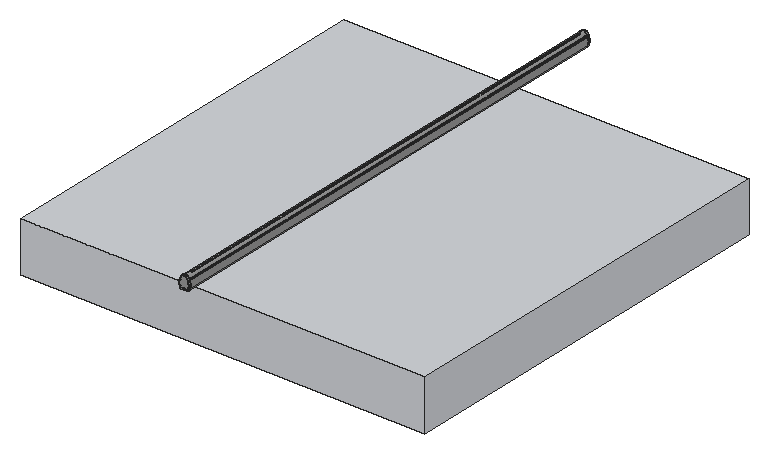
Revit family "L-trade II 130", category Осветительные приборы, Revit 2017 (continued)
Types (6, lengths in mm): name | Цветовая температура | Световой поток светильника | Кривая сил света | Wattage | built-in parameter 1150134 | Файл фотометрической сетки | built-in parameter 1150142 | built-in parameter 1150105 | Lumens | built-in parameter 1150107 | built-in parameter 1150106 | Manufacturer | Артикул
  L-trade II 130 5.0K К15 | 5000 K | 14822 lm | "К15" | 99.7833 W | 2 | "L-trade II 130-130-K15-5.0-01.ies" | "IESNA:LM-63-1995\r\n[TEST]LEDEL\r\n[DATA]17.01.2017\r\n[MANUFAC]LEDEL\r\n[LUMCAT]L-trade II 130/130/К15/5.0/01\r\n[LUMINAIRE]Для освещения торговых залов, промышленных помещений, складов, магазинов, спортивных сооружений и т.д.  \r\n[LAMPCAT]LED\r\n[LAMP]OSRAM SQUARE\r\nTILT=NONE\r\n\r\n1 14822 2.2919 37 19 1 2 3.031 0.05 0.123\r\n\r\n1 1 130\r\n\r\n  0 2.5 5 7.5 10 12.5 15 17.5 20 22.5 25 27.5 30 32.5 35 37.5 40 42.5 45 47.5\r\n 50 52.5 55 57.5 60 62.5 65 67.5 70 72.5 75 77.5 80 82.5 85 87.5 90\r\n\r\n  0 5 10 15 20 25 30 35 40 45 50 55 60 65 70 75\r\n  80 85 90 \r\n\r\n  31577 30708 27040 21987 16469 11472 7577 4708 2995 2122 1611 1250 953 863 658\r\n  625 522 444 363 308 295 182 227 241 159 137 91 126 114 81\r\n  69 46 46 116 69 11 69\r\n  31509 30761 27290 22294 16742 11699 7759 4893 3108 2133 1611 1271 999 863 681\r\n  601 568 454 363 283 318 287 273 203 182 137 69 102 91 56\r\n  91 46 91 32 69 70 91\r\n  31509 30761 27290 22294 16742 11699 7759 4893 3108 2133 1611 1271 999 863 681\r\n  601 568 454 363 283 318 287 273 203 182 137 69 102 91 56\r\n  91 46 91 32 69 70 91\r\n  31509 30761 27290 22294 16742 11699 7759 4893 3108 2133 1611 1271 999 863 681\r\n  601 568 454 363 283 318 287 273 203 182 137 69 102 91 56\r\n  91 46 91 32 69 70 91\r\n  31509 30761 27290 22294 16742 11699 7759 4893 3108 2133 1611 1271 999 863 681\r\n  601 568 454 363 283 318 287 273 203 182 137 69 102 91 56\r\n  91 46 91 32 69 70 91\r\n  31509 30761 27290 22294 16742 11699 7759 4893 3108 2133 1611 1271 999 863 681\r\n  601 568 454 363 283 318 287 273 203 182 137 69 102 91 56\r\n  91 46 91 32 69 70 91\r\n  31509 30761 27290 22294 16742 11699 7759 4893 3108 2133 1611 1271 999 863 681\r\n  601 568 454 363 283 318 287 273 203 182 137 69 102 91 56\r\n  91 46 91 32 69 70 91\r\n  31509 30761 27290 22294 16742 11699 7759 4893 3108 2133 1611 1271 999 863 681\r\n  601 568 454 363 283 318 287 273 203 182 137 69 102 91 56\r\n  91 46 91 32 69 70 91\r\n  31509 30761 27290 22294 16742 11699 7759 4893 3108 2133 1611 1271 999 863 681\r\n  601 568 454 363 283 318 287 273 203 182 137 69 102 91 56\r\n  91 46 91 32 69 70 91\r\n  31509 30761 27290 22294 16742 11699 7759 4893 3108 2133 1611 1271 999 863 681\r\n  601 568 454 363 283 318 287 273 203 182 137 69 102 91 56\r\n  91 46 91 32 69 70 91\r\n  31509 30761 27290 22294 16742 11699 7759 4893 3108 2133 1611 1271 999 863 681\r\n  601 568 454 363 283 318 287 273 203 182 137 69 102 91 56\r\n  91 46 91 32 69 70 91\r\n  31509 30761 27290 22294 16742 11699 7759 4893 3108 2133 1611 1271 999 863 681\r\n  601 568 454 363 283 318 287 273 203 182 137 69 102 91 56\r\n  91 46 91 32 69 70 91\r\n  31509 30761 27290 22294 16742 11699 7759 4893 3108 2133 1611 1271 999 863 681\r\n  601 568 454 363 283 318 287 273 203 182 137 69 102 91 56\r\n  91 46 91 32 69 70 91\r\n  31509 30761 27290 22294 16742 11699 7759 4893 3108 2133 1611 1271 999 863 681\r\n  601 568 454 363 283 318 287 273 203 182 137 69 102 91 56\r\n  91 46 91 32 69 70 91\r\n  31509 30761 27290 22294 16742 11699 7759 4893 3108 2133 1611 1271 999 863 681\r\n  601 568 454 363 283 318 287 273 203 182 137 69 102 91 56\r\n  91 46 91 32 69 70 91\r\n  31509 30761 27290 22294 16742 11699 7759 4893 3108 2133 1611 1271 999 863 681\r\n  601 568 454 363 283 318 287 273 203 182 137 69 102 91 56\r\n  91 46 91 32 69 70 91\r\n  31509 30761 27290 22294 16742 11699 7759 4893 3108 2133 1611 1271 999 863 681\r\n  601 568 454 363 283 318 287 273 203 182 137 69 102 91 56\r\n  91 46 91 32 69 70 91\r\n  31509 30761 27290 22294 16742 11699 7759 4893 3108 2133 1611 1271 999 863 681\r\n  601 568 454 363 283 318 287 273 203 182 137 69 102 91 56\r\n  91 46 91 32 69 70 91\r\n  31509 30761 27290 22294 16742 11699 7759 4893 3108 2133 1611 1271 999 863 681\r\n  601 568 454 363 283 318 287 273 203 182 137 69 102 91 56\r\n  91 46 91 32 69 70 91\r\n  31509 29215 24772 19310 13883 9353 5921 3672 2382 1770 1384 1100 863 681 636\r\n  545 454 409 341 273 273 182 182 137 159 137 114 126 114 91\r\n  69 91 46 46 46 46 23\r\n  31509 29215 24772 19310 13883 9353 5921 3672 2382 1770 1384 1100 863 681 636\r\n  545 454 409 341 273 273 182 182 137 159 137 114 126 114 91\r\n  69 91 46 46 46 46 23\r\n  31509 29215 24772 19310 13883 9353 5921 3672 2382 1770 1384 1100 863 681 636\r\n  545 454 409 341 273 273 182 182 137 159 137 114 126 114 91\r\n  69 91 46 46 46 46 23\r\n  31509 29215 24772 19310 13883 9353 5921 3672 2382 1770 1384 1100 863 681 636\r\n  545 454 409 341 273 273 182 182 137 159 137 114 126 114 91\r\n  69 91 46 46 46 46 23\r\n  31509 29215 24772 19310 13883 9353 5921 3672 2382 1770 1384 1100 863 681 636\r\n  545 454 409 341 273 273 182 182 137 159 137 114 126 114 91\r\n  69 91 46 46 46 46 23\r\n  31509 29215 24772 19310 13883 9353 5921 3672 2382 1770 1384 1100 863 681 636\r\n  545 454 409 341 273 273 182 182 137 159 137 114 126 114 91\r\n  69 91 46 46 46 46 23\r\n  31509 29215 24772 19310 13883 9353 5921 3672 2382 1770 1384 1100 863 681 636\r\n  545 454 409 341 273 273 182 182 137 159 137 114 126 114 91\r\n  69 91 46 46 46 46 23\r\n  31509 29215 24772 19310 13883 9353 5921 3672 2382 1770 1384 1100 863 681 636\r\n  545 454 409 341 273 273 182 182 137 159 137 114 126 114 91\r\n  69 91 46 46 46 46 23\r\n  31509 29215 24772 19310 13883 9353 5921 3672 2382 1770 1384 1100 863 681 636\r\n  545 454 409 341 273 273 182 182 137 159 137 114 126 114 91\r\n  69 91 46 46 46 46 23\r\n  31509 29215 24772 19310 13883 9353 5921 3672 2382 1770 1384 1100 863 681 636\r\n  545 454 409 341 273 273 182 182 137 159 137 114 126 114 91\r\n  69 91 46 46 46 46 23\r\n  31509 29215 24772 19310 13883 9353 5921 3672 2382 1770 1384 1100 863 681 636\r\n  545 454 409 341 273 273 182 182 137 159 137 114 126 114 91\r\n  69 91 46 46 46 46 23\r\n  31509 29215 24772 19310 13883 9353 5921 3672 2382 1770 1384 1100 863 681 636\r\n  545 454 409 341 273 273 182 182 137 159 137 114 126 114 91\r\n  69 91 46 46 46 46 23\r\n  31509 29215 24772 19310 13883 9353 5921 3672 2382 1770 1384 1100 863 681 636\r\n  545 454 409 341 273 273 182 182 137 159 137 114 126 114 91\r\n  69 91 46 46 46 46 23\r\n  31509 29215 24772 19310 13883 9353 5921 3672 2382 1770 1384 1100 863 681 636\r\n  545 454 409 341 273 273 182 182 137 159 137 114 126 114 91\r\n  69 91 46 46 46 46 23\r\n  31509 29215 24772 19310 13883 9353 5921 3672 2382 1770 1384 1100 863 681 636\r\n  545 454 409 341 273 273 182 182 137 159 137 114 126 114 91\r\n  69 91 46 46 46 46 23\r\n  31509 29215 24772 19310 13883 9353 5921 3672 2382 1770 1384 1100 863 681 636\r\n  545 454 409 341 273 273 182 182 137 159 137 114 126 114 91\r\n  69 91 46 46 46 46 23\r\n  31509 29215 24772 19310 13883 9353 5921 3672 2382 1770 1384 1100 863 681 636\r\n  545 454 409 341 273 273 182 182 137 159 137 114 126 114 91\r\n  69 91 46 46 46 46 23\r\n  31577 29407 25044 19617 14156 9570 6057 3832 2450 1780 1384 1124 863 681 636\r\n  545 454 409 341 283 295 203 227 137 137 137 114 91 91 91\r\n  69 91 23 35 46 46 46\r\n\r" | 1179.5 (stored number, unit not read) | 14822 lm | 5000 (stored number, unit not read) | 11.795 (stored number, unit not read) | "" | "210047"
  L-trade II 130 4.0K Г30 | 4000 K | 14867 lm | "Г30" | 100.086 W | 12 | "L-trade II 130-130-G30-4.0-01.ies" | "IESNA:LM-63-1995\r\n[TEST]LEDEL\r\n[DATA]17.07.2017\r\n[MANUFAC]LEDEL\r\n[LUMCAT]L-Trade II 130/130/Г30/4.0/01\r\n[LUMINAIRE]Для освещения торговых залов, промышленных помещений, складов, магазинов, спортивных сооружений и т.д.  \r\n[LAMPCAT]LED\r\n[LAMP]OSRAM SQUARE\r\nTILT=NONE\r\n\r\n1 14867 2.4584 37 19 1 2 3.031 0.05 0.123\r\n\r\n1 1 130\r\n\r\n\r\n\r\n 0 2.5 5 7.5 10 12.5 15 17.5 20 22.5 25 27.5 30 32.5 35 37.5 40 42.5 45 47.5\r\n 50 52.5 55 57.5 60 62.5 65 67.5 70 72.5 75 77.5 80 82.5 85 87.5 90\r\n\r\n  0 5 10 15 20 25 30 35 40 45 50 55 60 65 70 75\r\n  80 85 90\r\n\r\n  13407 13223 12454 11253 9778 8270 6829 5515 4416 3502 2776 2195 1717 1373 1112\r\n  889 734 605 515 439 379 318 295 269 242 197 182 152 137 121\r\n  106 103 61 61 46 46 53\r\n  13392 13245 12515 11325 9861 8346 6897 5582 4462 3544 2813 2208 1732 1377 1112\r\n  893 726 617 515 451 386 341 295 273 227 220 190 152 137 121\r\n  99 95 76 49 46 34 53\r\n  13392 13245 12515 11325 9861 8346 6897 5582 4462 3544 2813 2208 1732 1377 1112\r\n  893 726 617 515 451 386 341 295 273 227 220 190 152 137 121\r\n  99 95 76 49 46 34 53\r\n  13392 13245 12515 11325 9861 8346 6897 5582 4462 3544 2813 2208 1732 1377 1112\r\n  893 726 617 515 451 386 341 295 273 227 220 190 152 137 121\r\n  99 95 76 49 46 34 53\r\n  13392 13245 12515 11325 9861 8346 6897 5582 4462 3544 2813 2208 1732 1377 1112\r\n  893 726 617 515 451 386 341 295 273 227 220 190 152 137 121\r\n  99 95 76 49 46 34 53\r\n  13392 13245 12515 11325 9861 8346 6897 5582 4462 3544 2813 2208 1732 1377 1112\r\n  893 726 617 515 451 386 341 295 273 227 220 190 152 137 121\r\n  99 95 76 49 46 34 53\r\n  13392 13245 12515 11325 9861 8346 6897 5582 4462 3544 2813 2208 1732 1377 1112\r\n  893 726 617 515 451 386 341 295 273 227 220 190 152 137 121\r\n  99 95 76 49 46 34 53\r\n  13392 13245 12515 11325 9861 8346 6897 5582 4462 3544 2813 2208 1732 1377 1112\r\n  893 726 617 515 451 386 341 295 273 227 220 190 152 137 121\r\n  99 95 76 49 46 34 53\r\n  13392 13245 12515 11325 9861 8346 6897 5582 4462 3544 2813 2208 1732 1377 1112\r\n  893 726 617 515 451 386 341 295 273 227 220 190 152 137 121\r\n  99 95 76 49 46 34 53\r\n  13392 13245 12515 11325 9861 8346 6897 5582 4462 3544 2813 2208 1732 1377 1112\r\n  893 726 617 515 451 386 341 295 273 227 220 190 152 137 121\r\n  99 95 76 49 46 34 53\r\n  13392 13245 12515 11325 9861 8346 6897 5582 4462 3544 2813 2208 1732 1377 1112\r\n  893 726 617 515 451 386 341 295 273 227 220 190 152 137 121\r\n  99 95 76 49 46 34 53\r\n  13392 13245 12515 11325 9861 8346 6897 5582 4462 3544 2813 2208 1732 1377 1112\r\n  893 726 617 515 451 386 341 295 273 227 220 190 152 137 121\r\n  99 95 76 49 46 34 53\r\n  13392 13245 12515 11325 9861 8346 6897 5582 4462 3544 2813 2208 1732 1377 1112\r\n  893 726 617 515 451 386 341 295 273 227 220 190 152 137 121\r\n  99 95 76 49 46 34 53\r\n  13392 13245 12515 11325 9861 8346 6897 5582 4462 3544 2813 2208 1732 1377 1112\r\n  893 726 617 515 451 386 341 295 273 227 220 190 152 137 121\r\n  99 95 76 49 46 34 53\r\n  13392 13245 12515 11325 9861 8346 6897 5582 4462 3544 2813 2208 1732 1377 1112\r\n  893 726 617 515 451 386 341 295 273 227 220 190 152 137 121\r\n  99 95 76 49 46 34 53\r\n  13392 13245 12515 11325 9861 8346 6897 5582 4462 3544 2813 2208 1732 1377 1112\r\n  893 726 617 515 451 386 341 295 273 227 220 190 152 137 121\r\n  99 95 76 49 46 34 53\r\n  13392 13245 12515 11325 9861 8346 6897 5582 4462 3544 2813 2208 1732 1377 1112\r\n  893 726 617 515 451 386 341 295 273 227 220 190 152 137 121\r\n  99 95 76 49 46 34 53\r\n  13392 13245 12515 11325 9861 8346 6897 5582 4462 3544 2813 2208 1732 1377 1112\r\n  893 726 617 515 451 386 341 295 273 227 220 190 152 137 121\r\n  99 95 76 49 46 34 53\r\n  13392 13245 12515 11325 9861 8346 6897 5582 4462 3544 2813 2208 1732 1377 1112\r\n  893 726 617 515 451 386 341 295 273 227 220 190 152 137 121\r\n  99 95 76 49 46 34 53\r\n  13392 12956 12038 10755 9324 7870 6519 5292 4250 3360 2692 2125 1679 1327 1067\r\n  878 704 594 515 427 371 325 288 234 205 182 152 137 114 91\r\n  61 46 46 31 23 16 31\r\n  13392 12956 12038 10755 9324 7870 6519 5292 4250 3360 2692 2125 1679 1327 1067\r\n  878 704 594 515 427 371 325 288 234 205 182 152 137 114 91\r\n  61 46 46 31 23 16 31\r\n  13392 12956 12038 10755 9324 7870 6519 5292 4250 3360 2692 2125 1679 1327 1067\r\n  878 704 594 515 427 371 325 288 234 205 182 152 137 114 91\r\n  61 46 46 31 23 16 31\r\n  13392 12956 12038 10755 9324 7870 6519 5292 4250 3360 2692 2125 1679 1327 1067\r\n  878 704 594 515 427 371 325 288 234 205 182 152 137 114 91\r\n  61 46 46 31 23 16 31\r\n  13392 12956 12038 10755 9324 7870 6519 5292 4250 3360 2692 2125 1679 1327 1067\r\n  878 704 594 515 427 371 325 288 234 205 182 152 137 114 91\r\n  61 46 46 31 23 16 31\r\n  13392 12956 12038 10755 9324 7870 6519 5292 4250 3360 2692 2125 1679 1327 1067\r\n  878 704 594 515 427 371 325 288 234 205 182 152 137 114 91\r\n  61 46 46 31 23 16 31\r\n  13392 12956 12038 10755 9324 7870 6519 5292 4250 3360 2692 2125 1679 1327 1067\r\n  878 704 594 515 427 371 325 288 234 205 182 152 137 114 91\r\n  61 46 46 31 23 16 31\r\n  13392 12956 12038 10755 9324 7870 6519 5292 4250 3360 2692 2125 1679 1327 1067\r\n  878 704 594 515 427 371 325 288 234 205 182 152 137 114 91\r\n  61 46 46 31 23 16 31\r\n  13392 12956 12038 10755 9324 7870 6519 5292 4250 3360 2692 2125 1679 1327 1067\r\n  878 704 594 515 427 371 325 288 234 205 182 152 137 114 91\r\n  61 46 46 31 23 16 31\r\n  13392 12956 12038 10755 9324 7870 6519 5292 4250 3360 2692 2125 1679 1327 1067\r\n  878 704 594 515 427 371 325 288 234 205 182 152 137 114 91\r\n  61 46 46 31 23 16 31\r\n  13392 12956 12038 10755 9324 7870 6519 5292 4250 3360 2692 2125 1679 1327 1067\r\n  878 704 594 515 427 371 325 288 234 205 182 152 137 114 91\r\n  61 46 46 31 23 16 31\r\n  13392 12956 12038 10755 9324 7870 6519 5292 4250 3360 2692 2125 1679 1327 1067\r\n  878 704 594 515 427 371 325 288 234 205 182 152 137 114 91\r\n  61 46 46 31 23 16 31\r\n  13392 12956 12038 10755 9324 7870 6519 5292 4250 3360 2692 2125 1679 1327 1067\r\n  878 704 594 515 427 371 325 288 234 205 182 152 137 114 91\r\n  61 46 46 31 23 16 31\r\n  13392 12956 12038 10755 9324 7870 6519 5292 4250 3360 2692 2125 1679 1327 1067\r\n  878 704 594 515 427 371 325 288 234 205 182 152 137 114 91\r\n  61 46 46 31 23 16 31\r\n  13392 12956 12038 10755 9324 7870 6519 5292 4250 3360 2692 2125 1679 1327 1067\r\n  878 704 594 515 427 371 325 288 234 205 182 152 137 114 91\r\n  61 46 46 31 23 16 31\r\n  13392 12956 12038 10755 9324 7870 6519 5292 4250 3360 2692 2125 1679 1327 1067\r\n  878 704 594 515 427 371 325 288 234 205 182 152 137 114 91\r\n  61 46 46 31 23 16 31\r\n  13392 12956 12038 10755 9324 7870 6519 5292 4250 3360 2692 2125 1679 1327 1067\r\n  878 704 594 515 427 371 325 288 234 205 182 152 137 114 91\r\n  61 46 46 31 23 16 31\r\n  13407 12998 12091 10831 9415 7958 6587 5353 4288 3432 2723 2158 1709 1365 1074\r\n  881 711 605 515 436 379 338 273 258 205 182 152 137 106 91\r\n  61 49 53 31 23 19 23\r\n\r" | 1183.1 (stored number, unit not read) | 14867 lm | 4000 (stored number, unit not read) | 11.831 (stored number, unit not read) | "LEDEL" | "324113004741300"
  L-trade II 130 5.0K Г30 | 5000 K | 14867 lm | "Г30" | 100.086 W | 2 | "L-trade II 130-130-G30-5.0-01.ies" | "IESNA:LM-63-1995\r\n[TEST]LEDEL\r\n[DATA]17.07.2017\r\n[MANUFAC]LEDEL\r\n[LUMCAT]L-Trade II 130/130/Г30/5.0/01\r\n[LUMINAIRE]Для освещения торговых залов, промышленных помещений, складов, магазинов, спортивных сооружений и т.д.  \r\n[LAMPCAT]LED\r\n[LAMP]OSRAM SQUARE\r\nTILT=NONE\r\n\r\n1 14867 2.4584 37 19 1 2 3.031 0.05 0.123\r\n\r\n1 1 130\r\n\r\n\r\n\r\n 0 2.5 5 7.5 10 12.5 15 17.5 20 22.5 25 27.5 30 32.5 35 37.5 40 42.5 45 47.5\r\n 50 52.5 55 57.5 60 62.5 65 67.5 70 72.5 75 77.5 80 82.5 85 87.5 90\r\n\r\n  0 5 10 15 20 25 30 35 40 45 50 55 60 65 70 75\r\n  80 85 90\r\n\r\n  13407 13223 12454 11253 9778 8270 6829 5515 4416 3502 2776 2195 1717 1373 1112\r\n  889 734 605 515 439 379 318 295 269 242 197 182 152 137 121\r\n  106 103 61 61 46 46 53\r\n  13392 13245 12515 11325 9861 8346 6897 5582 4462 3544 2813 2208 1732 1377 1112\r\n  893 726 617 515 451 386 341 295 273 227 220 190 152 137 121\r\n  99 95 76 49 46 34 53\r\n  13392 13245 12515 11325 9861 8346 6897 5582 4462 3544 2813 2208 1732 1377 1112\r\n  893 726 617 515 451 386 341 295 273 227 220 190 152 137 121\r\n  99 95 76 49 46 34 53\r\n  13392 13245 12515 11325 9861 8346 6897 5582 4462 3544 2813 2208 1732 1377 1112\r\n  893 726 617 515 451 386 341 295 273 227 220 190 152 137 121\r\n  99 95 76 49 46 34 53\r\n  13392 13245 12515 11325 9861 8346 6897 5582 4462 3544 2813 2208 1732 1377 1112\r\n  893 726 617 515 451 386 341 295 273 227 220 190 152 137 121\r\n  99 95 76 49 46 34 53\r\n  13392 13245 12515 11325 9861 8346 6897 5582 4462 3544 2813 2208 1732 1377 1112\r\n  893 726 617 515 451 386 341 295 273 227 220 190 152 137 121\r\n  99 95 76 49 46 34 53\r\n  13392 13245 12515 11325 9861 8346 6897 5582 4462 3544 2813 2208 1732 1377 1112\r\n  893 726 617 515 451 386 341 295 273 227 220 190 152 137 121\r\n  99 95 76 49 46 34 53\r\n  13392 13245 12515 11325 9861 8346 6897 5582 4462 3544 2813 2208 1732 1377 1112\r\n  893 726 617 515 451 386 341 295 273 227 220 190 152 137 121\r\n  99 95 76 49 46 34 53\r\n  13392 13245 12515 11325 9861 8346 6897 5582 4462 3544 2813 2208 1732 1377 1112\r\n  893 726 617 515 451 386 341 295 273 227 220 190 152 137 121\r\n  99 95 76 49 46 34 53\r\n  13392 13245 12515 11325 9861 8346 6897 5582 4462 3544 2813 2208 1732 1377 1112\r\n  893 726 617 515 451 386 341 295 273 227 220 190 152 137 121\r\n  99 95 76 49 46 34 53\r\n  13392 13245 12515 11325 9861 8346 6897 5582 4462 3544 2813 2208 1732 1377 1112\r\n  893 726 617 515 451 386 341 295 273 227 220 190 152 137 121\r\n  99 95 76 49 46 34 53\r\n  13392 13245 12515 11325 9861 8346 6897 5582 4462 3544 2813 2208 1732 1377 1112\r\n  893 726 617 515 451 386 341 295 273 227 220 190 152 137 121\r\n  99 95 76 49 46 34 53\r\n  13392 13245 12515 11325 9861 8346 6897 5582 4462 3544 2813 2208 1732 1377 1112\r\n  893 726 617 515 451 386 341 295 273 227 220 190 152 137 121\r\n  99 95 76 49 46 34 53\r\n  13392 13245 12515 11325 9861 8346 6897 5582 4462 3544 2813 2208 1732 1377 1112\r\n  893 726 617 515 451 386 341 295 273 227 220 190 152 137 121\r\n  99 95 76 49 46 34 53\r\n  13392 13245 12515 11325 9861 8346 6897 5582 4462 3544 2813 2208 1732 1377 1112\r\n  893 726 617 515 451 386 341 295 273 227 220 190 152 137 121\r\n  99 95 76 49 46 34 53\r\n  13392 13245 12515 11325 9861 8346 6897 5582 4462 3544 2813 2208 1732 1377 1112\r\n  893 726 617 515 451 386 341 295 273 227 220 190 152 137 121\r\n  99 95 76 49 46 34 53\r\n  13392 13245 12515 11325 9861 8346 6897 5582 4462 3544 2813 2208 1732 1377 1112\r\n  893 726 617 515 451 386 341 295 273 227 220 190 152 137 121\r\n  99 95 76 49 46 34 53\r\n  13392 13245 12515 11325 9861 8346 6897 5582 4462 3544 2813 2208 1732 1377 1112\r\n  893 726 617 515 451 386 341 295 273 227 220 190 152 137 121\r\n  99 95 76 49 46 34 53\r\n  13392 13245 12515 11325 9861 8346 6897 5582 4462 3544 2813 2208 1732 1377 1112\r\n  893 726 617 515 451 386 341 295 273 227 220 190 152 137 121\r\n  99 95 76 49 46 34 53\r\n  13392 12956 12038 10755 9324 7870 6519 5292 4250 3360 2692 2125 1679 1327 1067\r\n  878 704 594 515 427 371 325 288 234 205 182 152 137 114 91\r\n  61 46 46 31 23 16 31\r\n  13392 12956 12038 10755 9324 7870 6519 5292 4250 3360 2692 2125 1679 1327 1067\r\n  878 704 594 515 427 371 325 288 234 205 182 152 137 114 91\r\n  61 46 46 31 23 16 31\r\n  13392 12956 12038 10755 9324 7870 6519 5292 4250 3360 2692 2125 1679 1327 1067\r\n  878 704 594 515 427 371 325 288 234 205 182 152 137 114 91\r\n  61 46 46 31 23 16 31\r\n  13392 12956 12038 10755 9324 7870 6519 5292 4250 3360 2692 2125 1679 1327 1067\r\n  878 704 594 515 427 371 325 288 234 205 182 152 137 114 91\r\n  61 46 46 31 23 16 31\r\n  13392 12956 12038 10755 9324 7870 6519 5292 4250 3360 2692 2125 1679 1327 1067\r\n  878 704 594 515 427 371 325 288 234 205 182 152 137 114 91\r\n  61 46 46 31 23 16 31\r\n  13392 12956 12038 10755 9324 7870 6519 5292 4250 3360 2692 2125 1679 1327 1067\r\n  878 704 594 515 427 371 325 288 234 205 182 152 137 114 91\r\n  61 46 46 31 23 16 31\r\n  13392 12956 12038 10755 9324 7870 6519 5292 4250 3360 2692 2125 1679 1327 1067\r\n  878 704 594 515 427 371 325 288 234 205 182 152 137 114 91\r\n  61 46 46 31 23 16 31\r\n  13392 12956 12038 10755 9324 7870 6519 5292 4250 3360 2692 2125 1679 1327 1067\r\n  878 704 594 515 427 371 325 288 234 205 182 152 137 114 91\r\n  61 46 46 31 23 16 31\r\n  13392 12956 12038 10755 9324 7870 6519 5292 4250 3360 2692 2125 1679 1327 1067\r\n  878 704 594 515 427 371 325 288 234 205 182 152 137 114 91\r\n  61 46 46 31 23 16 31\r\n  13392 12956 12038 10755 9324 7870 6519 5292 4250 3360 2692 2125 1679 1327 1067\r\n  878 704 594 515 427 371 325 288 234 205 182 152 137 114 91\r\n  61 46 46 31 23 16 31\r\n  13392 12956 12038 10755 9324 7870 6519 5292 4250 3360 2692 2125 1679 1327 1067\r\n  878 704 594 515 427 371 325 288 234 205 182 152 137 114 91\r\n  61 46 46 31 23 16 31\r\n  13392 12956 12038 10755 9324 7870 6519 5292 4250 3360 2692 2125 1679 1327 1067\r\n  878 704 594 515 427 371 325 288 234 205 182 152 137 114 91\r\n  61 46 46 31 23 16 31\r\n  13392 12956 12038 10755 9324 7870 6519 5292 4250 3360 2692 2125 1679 1327 1067\r\n  878 704 594 515 427 371 325 288 234 205 182 152 137 114 91\r\n  61 46 46 31 23 16 31\r\n  13392 12956 12038 10755 9324 7870 6519 5292 4250 3360 2692 2125 1679 1327 1067\r\n  878 704 594 515 427 371 325 288 234 205 182 152 137 114 91\r\n  61 46 46 31 23 16 31\r\n  13392 12956 12038 10755 9324 7870 6519 5292 4250 3360 2692 2125 1679 1327 1067\r\n  878 704 594 515 427 371 325 288 234 205 182 152 137 114 91\r\n  61 46 46 31 23 16 31\r\n  13392 12956 12038 10755 9324 7870 6519 5292 4250 3360 2692 2125 1679 1327 1067\r\n  878 704 594 515 427 371 325 288 234 205 182 152 137 114 91\r\n  61 46 46 31 23 16 31\r\n  13392 12956 12038 10755 9324 7870 6519 5292 4250 3360 2692 2125 1679 1327 1067\r\n  878 704 594 515 427 371 325 288 234 205 182 152 137 114 91\r\n  61 46 46 31 23 16 31\r\n  13407 12998 12091 10831 9415 7958 6587 5353 4288 3432 2723 2158 1709 1365 1074\r\n  881 711 605 515 436 379 338 273 258 205 182 152 137 106 91\r\n  61 49 53 31 23 19 23\r\n\r" | 1183.1 (stored number, unit not read) | 14867 lm | 5000 (stored number, unit not read) | 11.831 (stored number, unit not read) | "" | "210049"
